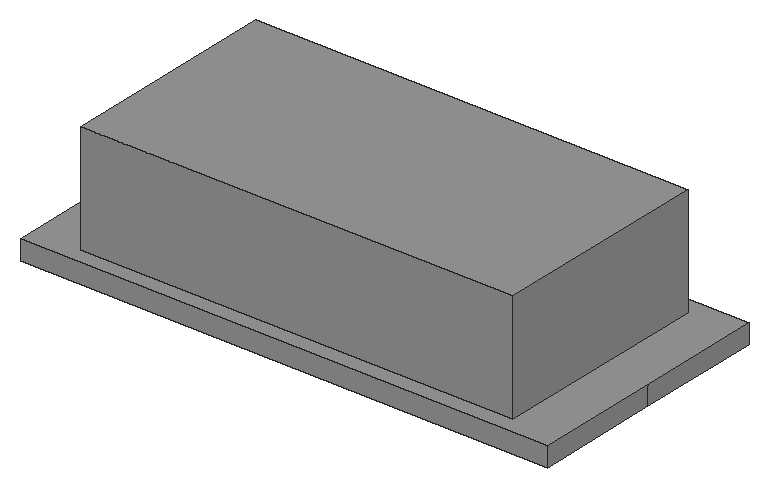
Revit family "Trane_TVR_Indoor_2-way Cassette_4TVG0018(24)EF000AA(2nd DC)", category Equipamento mecânico, Revit 2019
Family settings
  Cota do conector redondo = Utilizar diâmetro
  Tipo de parte = Normal
  Número OmniClass = 23.75.00.00
  Título OmniClass = Climate Control (HVAC)
  Com base no plano de trabalho = Não
  Sempre na vertical = Sim
  Corte com vazios quando carregada = Não
  Compartilhado = Não
  Ponto de cálculo do ambiente = Não
Parameters (values of type "4TVG0024EF000AA")
  clearance access right = 100.000 mm
  clearance access left = 100.000 mm
  clearance access front = 1500.000 mm
  clearance access behind = 1500.000 mm
  clearance [instance] = no
  Width = 1172.000 mm
  URL = "https://www.trane.com/commercial/latin-america/br/pt.html"
  Series = "TVR ULTRA"
  Power supply = "220-240V, 50/60Hz"
  Panel color = "SB2014"
  Net Weight = 35.00 kg
  Modelo = "4TVG0024EF000AA"
  Minimum Circuit Amps = 1.3 A
  Maximum Fuse Amps = 15 A
  Fabricante = "Trane"
  Machine material = grilles：ABS/HIPS
  Liquid pipe = 9.530 mm
  Installation = "Indoor installation"
  Height = 299.000 mm
  Heating Power Input = 98 W
  Heating Capacity = 8 kW
  Gas pipe = 15.900 mm
  Gas = "R410a"
  Drain pipe = 32.000 mm
  Descrição = "High efficiency air cooled"
  Depth = 591.000 mm
  Cooling Power Input = 98 W
  Cooling Capacity = 7.1 kW
  Condensation = "air"
  Air Flow = "1200/1115/1068/1000/921/808/770m3/h"
Types (3, lengths in mm): name | Series | Modelo | Minimum Circuit Amps | Heating Power Input | Heating Capacity | Cooling Power Input | Cooling Capacity | Air Flow
  (no name) | "TVR ULTRA" | "4TVG0024EF000AA" | 1.3 A | 98 W | 8 kW | 98 W | 7.1 kW | "1200/1115/1068/1000/921/808/770m3/h"
  4TVG0024EF000AA | "TVR ULTRA" | "4TVG0024EF000AA" | 1.3 A | 98 W | 8 kW | 98 W | 7.1 kW | "1200/1115/1068/1000/921/808/770m3/h"
  4TVG0018EF000AA | "TVR" | "4TVG0018EF000AA" | 0.9 A | 69 W | 6.3 kW | 69 W | 5.6 kW | "980/925/855/800/755/702/670m3/h"
Reference planes
  plane 1 "中心(前/后)": y = 0
  plane 2: z = 0
  plane 3 "中心(左/右)": x = 0
Forms (mm)
  Extrusion 1, solid, material "grilles：ABS/HIPS" <- "Machine material", detail levels medium+fine
    sketch origin (0, 0, 0) x (1, 0, 0) y (0, 1, 0)
      loop
        line (715, 0) -> (715, 340) -> (-715, 340) -> (-715, -340) -> (715, -340) -> (715, 0)
    from 0 to 53
  Extrusion 2, solid, material "grilles：ABS/HIPS" <- "Machine material", detail levels medium+fine
    sketch origin (0, 0, 0) x (1, 0, 0) y (0, 1, 0)
      loop
        line (0, 295.5) -> (-586, 295.5) -> (-586, -295.5) -> (586, -295.5) -> (586, 295.5) -> (0, 295.5)
    from 352 to 53
  Extrusion 3, solid, material "grilles：ABS/HIPS" <- "Machine material", detail levels fine
    sketch origin (0, 0, 0) x (0, 1, 0) y (0, 0, 1)
      loop
        circle (50, 180) r 4.765
    from -586 to -643
  Extrusion 4, solid, material "grilles：ABS/HIPS" <- "Machine material", detail levels fine
    sketch origin (0, 0, 0) x (0, 1, 0) y (0, 0, 1)
      loop
        circle (-50, 180) r 7.95
    from -586 to -643
  Extrusion 5, solid, material "grilles：ABS/HIPS" <- "Machine material", detail levels fine
    sketch origin (0, 0, 0) x (0, 1, 0) y (0, 0, 1)
      loop
        circle (-175.089, 281.549) r 16
    from -586 to -643
Lines and regions (mm)
  model lines, detail levels fine
    curve 1: line (-650, -160, 0) -> (650, -160, 0)
    curve 2: line (650, -160, 0) -> (650, 160, 0)
    curve 3: line (650, 160, 0) -> (-650, 160, 0)
    curve 4: line (-650, 160, 0) -> (-650, -160, 0)
    curve 5: line (-650, -120, 0) -> (650, -120, 0)
    curve 6: line (-650, -80, 0) -> (650, -80, 0)
    curve 7: line (-650, -40, 0) -> (650, -40, 0)
    curve 8: line (-650, 0, 0) -> (650, 0, 0)
    curve 9: line (-650, 40, 0) -> (650, 40, 0)
    curve 10: line (-650, 80, 0) -> (650, 80, 0)
    curve 11: line (-650, 120, 0) -> (650, 120, 0)
    curve 12: line (650, 220, 0) -> (650, 300, 0)
    curve 13: line (650, 300, 0) -> (-650, 300, 0)
    curve 14: line (-650, 300, 0) -> (-650, 220, 0)
    curve 15: line (-650, 220, 0) -> (650, 220, 0)
    curve 16: line (650, -208.962, 0) -> (-650, -208.962, 0)
    curve 17: line (-650, -208.962, 0) -> (-650, -288.962, 0)
    curve 18: line (-650, -288.962, 0) -> (650, -288.962, 0)
    curve 19: line (650, -288.962, 0) -> (650, -208.962, 0)
  model lines
    curve 20: line (586, 295.5, 352) -> (586, -295.5, 352)
    curve 21: line (586, -295.5, 352) -> (-586, -295.5, 352)
    curve 22: line (-586, -295.5, 352) -> (-586, 295.5, 352)
    curve 23: line (-586, 295.5, 352) -> (586, 295.5, 352)
    curve 24: line (586, 295.5, 53) -> (586, -295.5, 53)
    curve 25: line (586, -295.5, 53) -> (-586, -295.5, 53)
    curve 26: line (-586, -295.5, 53) -> (-586, 295.5, 53)
    curve 27: line (-586, 295.5, 53) -> (586, 295.5, 53)
    curve 28: line (715, 340, 53) -> (715, -340, 53)
    curve 29: line (715, -340, 53) -> (-715, -340, 53)
    curve 30: line (-715, -340, 53) -> (-715, 340, 53)
    curve 31: line (-715, 340, 53) -> (715, 340, 53)
    curve 32: line (-586, 295.5, 352) -> (-586, 295.5, 53)
    curve 33: line (-586, -295.5, 53) -> (-586, -295.5, 352)
    curve 34: line (586, -295.5, 53) -> (586, -295.5, 352)
    curve 35: line (586, 295.5, 53) -> (586, 295.5, 352)
    curve 36: line (715, -340, 0) -> (715, 340, 0)
    curve 37: line (715, 340, 0) -> (-715, 340, 0)
    curve 38: line (-715, 340, 0) -> (-715, -340, 0)
    curve 39: line (-715, -340, 0) -> (715, -340, 0)
    curve 40: line (715, 340, 53) -> (715, 340, 0)
    curve 41: line (715, -340, 53) -> (715, -340, 0)
    curve 42: line (-715, 340, 53) -> (-715, 340, 0)
    curve 43: line (-715, -340, 53) -> (-715, -340, 0)
Dimensions and locks
  "Width": Extrusion 2 to Extrusion 2
  "Depth": Extrusion 2 to Extrusion 2
  "Height": Extrusion 2 to Extrusion 2
  "Gas pipe": diameter of Extrusion 4
  "Liquid pipe": diameter of Extrusion 3
  aligned and locked: level to plane 2
Automatic sketch dimensions
  plane 1 "中心(前/后)" to Extrusion 1 sketch curve = 0.000 mm
  plane 1 "中心(前/后)" to Extrusion 1 sketch curve = 340.000 mm
  Extrusion 1 sketch curve to plane 1 "中心(前/后)" = 340.000 mm
  Extrusion 2 sketch curve to plane 3 "中心(左/右)" = 0.000 mm
  plane 1 "中心(前/后)" to Extrusion 2 sketch curve = 295.500 mm
  Extrusion 2 sketch curve to plane 1 "中心(前/后)" = 295.500 mm
  Extrusion 3 sketch curve to plane 1 "中心(前/后)" = 50.000 mm
  level to Extrusion 3 sketch curve = 180.000 mm
  plane 1 "中心(前/后)" to Extrusion 4 sketch curve = 50.000 mm
  level to Extrusion 4 sketch curve = 180.000 mm
  plane 1 "中心(前/后)" to Extrusion 5 sketch curve = 175.089 mm
  level to Extrusion 5 sketch curve = 281.549 mm
  Extrusion 1 sketch curve to plane 3 "中心(左/右)" = 715.000 mm
  Extrusion 2 sketch curve to plane 3 "中心(左/右)" = 586.000 mm
  plane 3 "中心(左/右)" to Extrusion 1 sketch curve = 715.000 mm
  plane 3 "中心(左/右)" to Extrusion 2 sketch curve = 586.000 mm
  Extrusion 2 to curve 21 = 0.000 mm
  curve 23 to Extrusion 2 = 0.000 mm  (x2)
  curve 20 to Extrusion 2 = 0.000 mm
  Extrusion 1 to curve 28 = 0.000 mm
  curve 28 to Extrusion 1 = 0.000 mm  (x2)
  curve 25 to Extrusion 1 = 44.500 mm
  curve 31 to Extrusion 1 = 0.000 mm
  curve 27 to Extrusion 1 = 44.500 mm
  curve 27 to Extrusion 1 = 129.000 mm  (x2)
  curve 33 to Extrusion 2 = 0.000 mm  (x2)
  curve 32 to Extrusion 2 = 0.000 mm  (x3)
  Extrusion 2 to curve 33 = 0.000 mm
  curve 35 to Extrusion 2 = 0.000 mm  (x2)
  curve 34 to Extrusion 2 = 0.000 mm  (x3)
  Extrusion 2 to curve 35 = 0.000 mm
  Extrusion 1 to curve 36 = 0.000 mm
  curve 39 to Extrusion 1 = 0.000 mm  (x3)
  Extrusion 1 to curve 15 = 65.000 mm
  curve 3 to curve 14 = 0.000 mm
  curve 16 to curve 1 = 0.000 mm
  Extrusion 1 to curve 19 = 65.000 mm
  Extrusion 1 to curve 3 = 65.000 mm
  curve 15 to curve 2 = 0.000 mm
  Extrusion 1 to curve 12 = 40.000 mm
  curve 12 to curve 12 = 80.000 mm
  curve 4 to curve 14 = 60.000 mm
  Extrusion 1 to curve 1 = 180.000 mm
  curve 16 to curve 1 = 48.962 mm
  Extrusion 1 to curve 18 = 51.038 mm
  curve 1 to curve 5 = 40.000 mm
  curve 5 to curve 6 = 40.000 mm
  curve 6 to curve 7 = 40.000 mm
  curve 7 to curve 8 = 40.000 mm
  curve 8 to curve 9 = 40.000 mm
  curve 9 to curve 10 = 40.000 mm
  curve 10 to curve 11 = 40.000 mm
  curve 41 to Extrusion 1 = 0.000 mm  (x2)
  curve 40 to Extrusion 1 = 0.000 mm  (x2)
  Extrusion 1 to curve 40 = 0.000 mm
  curve 41 to Extrusion 1 = 340.000 mm
  curve 42 to Extrusion 1 = 0.000 mm  (x3)
  curve 43 to Extrusion 1 = 0.000 mm  (x2)
  Extrusion 1 to curve 43 = 0.000 mm
  radius of Extrusion 3 sketch curve = 4.765 mm
  radius of Extrusion 4 sketch curve = 7.950 mm
  radius of Extrusion 5 sketch curve = 16.000 mm
Connectors
  piping at (-643, -175.089, 281.549), diameter 32
    settings: on Extrusion 5, index 5, connector inside diameter 32 mm, connector length 0.000 mm, flow factor 0, pipe flow 0.0 m³/h, pressure drop 0.0 Pa, fitting loss kfactor 0, connector angle 0.00°, fixture units 0, engagement length 0.000 mm, angle of deflection 0.00°, flow configuration 1, flow direction 2, fitting loss method 0, system type 29, joint type 0, gender type 0, connector reference index -1, connector utility 0, adjustable connector no, is connector primary yes, connector description "Drain pipe OD Φ 32mm"
  piping at (-643, -50, 180), diameter 15.9
    settings: on Extrusion 4, index 6, connector inside diameter 15.9 mm, connector length 0.000 mm, flow factor 0, pipe flow 0.0 m³/h, pressure drop 0.0 Pa, fitting loss kfactor 0, connector angle 0.00°, fixture units 0, engagement length 0.000 mm, angle of deflection 0.00°, flow configuration 1, flow direction 0, fitting loss method 4, system type 22, joint type 0, gender type 0, connector reference index -1, connector utility 0, adjustable connector no, is connector primary no, connector description "Gas pipe Φ15.9mm"
  piping at (-643, 50, 180), diameter 9.53
    settings: on Extrusion 3, index 7, connector inside diameter 9.53 mm, connector length 0.000 mm, flow factor 0, pipe flow 0.0 m³/h, pressure drop 0.0 Pa, fitting loss kfactor 0, connector angle 0.00°, fixture units 0, engagement length 0.000 mm, angle of deflection 0.00°, flow configuration 1, flow direction 0, fitting loss method 4, system type 22, joint type 0, gender type 0, connector reference index -1, connector utility 0, adjustable connector no, is connector primary no, connector description "Liquid pipe Φ9.53mm"
  electrical at (-586, 0, 202.5)
    settings: on Extrusion 2, index 8, voltage 220 V, apparent load 0 VA, apparent load phase1 0 VA, apparent load phase2 0 VA, apparent load phase3 0 VA, power factor 1, load classification "Power", number of poles 1, system type 30, power factor state 1, is connector primary yes, connector utility no, sub classification motor no, connector description "The location of  electrical connectors is not the same as the actual location because the wiring terminal is inside the unit."
